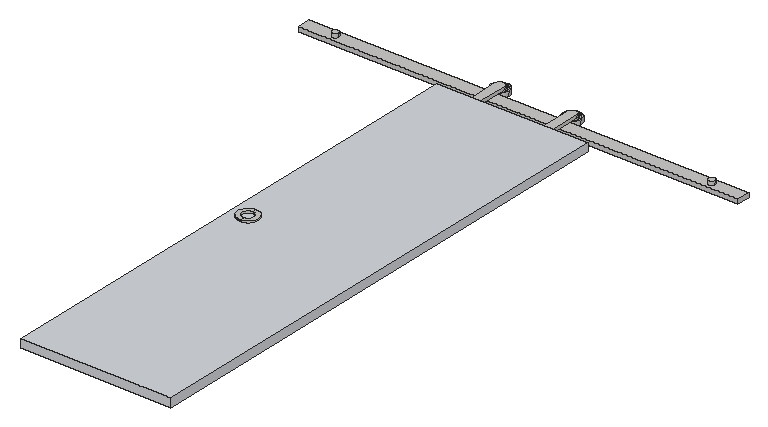
Revit family "Track-Sliding-Krown_Lab-Oden", category Doors, Revit 2012
Parameters (values of type "Stainless Steel, Brushed, 70"")
  z Type Material = 3
  z Type = 1
  z Trolley Material = Stainless Steel - Krown Lab - Brushed
  z Track Length = 70.000"
  z Standard is Visible [instance] = not(or(z Accent Visible Yellow, z Accent Visible White, z Accent Visible Orange, z Accent Visible Blue, z Accent Visible Black))  # yes
  z Panel Offset [instance] = if(and(Has 1 Track Mount Spacer, Trolley is Top Mount), 2.000", if(and(Has 2 Track Mount Spacers, Trolley is Top Mount), 2.625", if(and(Has 1 Track Mount Spacer, Trolley is Face Mount), 1.375", if(and(Has 2 Track Mount Spacers, Trolley is Face Mount), 2.000", if(and(Has 1 Track Mount Spacer, Trolley is Glass Mount), 1.375", if(and(Has 2 Track Mount Spacers, Trolley is Glass Mount), 2.000", 0.500")))))) - 0.125"  # 1.875"
  z Panel Location Desired [instance] = 107.000"
  z Panel Location [instance] = if(z Panel Location Desired + (Panel Width / 2) > z Track Length + 72.000", z Track Length - (Panel Width / 2) + 72.000", if(z Panel Location Desired - (Panel Width / 2) < 72.000", (Panel Width / 2) + 72.000", z Panel Location Desired))  # 107.000"
  z Handle Material Rail = Stainless Steel - Krown Lab - Brushed
  z Handle Material = Stainless Steel - Krown Lab - Brushed
  z Error [instance] = or(not(if(Trolley is Top Mount, 1, 0) + if(Trolley is Glass Mount, 1, 0) + if(Trolley is Face Mount, 1, 0) = 1), and(Has Color Accent Yellow, Has Color Accent White), and(Has Color Accent White, Has Color Accent Blue), and(Has Color Accent Blue, Has Color Accent Orange), and(Has Color Accent Orange, Has Color Accent Black), and(Has Color Accent Yellow, Has Color Accent Black), and(Has Color Accent White, Has Color Accent Orange), and(Has Color Accent Yellow, Has Color Accent Blue), and(Has Color Accent White, Has Color Accent Orange), and(Has Color Accent Blue, Has Color Accent Black), and(Has Color Accent Yellow, Has Color Accent Orange), and(Has Color Accent White, Has Color Accent Black))  # no
  z Accent Visible Yellow [instance] = and(not(z Error), Has Color Accent Yellow)  # no
  z Accent Visible White [instance] = and(not(z Error), Has Color Accent White)  # no
  z Accent Visible Orange [instance] = and(not(z Error), Has Color Accent Orange)  # no
  z Accent Visible Blue [instance] = and(not(z Error), Has Color Accent Blue)  # no
  z Accent Visible Black [instance] = and(not(z Error), Has Color Accent Black)  # no
  URL = "http://www.krownlab.com/"
  Type Comments = "To Modify the Panel, edit the nested Panel Family and reload into the Door"  # constant formula
  Trolley is Top Mount [instance] = yes
  Trolley is Glass Mount [instance] = no
  Trolley is Face Mount [instance] = no
  Track Length [instance] = z Track Length  # 70.000"
  Provide Feedback = "https://www.surveymonkey.com/s/3HJZTQD "
  Product Page URL = "http://www.krownlab.com/oden"
  Product Material = Stainless Steel - Krown Lab - Brushed
  Product Documentation Link = "http://www.krownlab.com/pdfs/KrownLab-ODEN-Product-Guide.pdf"
  Part Number [instance] = if(not(z Error), if(and(z Type Material = 3, Trolley is Top Mount), "Oden, O11", if(and(z Type Material = 3, Trolley is Face Mount), "Oden, O12", if(and(z Type Material = 3, Trolley is Glass Mount), "Oden, O13", if(and(z Type Material = 2, Trolley is Top Mount), "Oden, O21", if(and(z Type Material = 2, Trolley is Face Mount), "Oden, O22", if(and(z Type Material = 2, Trolley is Glass Mount), "Oden, O23", if(and(z Type Material = 4, Trolley is Top Mount), "Oden, O31", if(and(z Type Material = 4, Trolley is Face Mount), "Oden, O32", if(and(z Type Material = 4, Trolley is Glass Mount), "Oden, O33", if(and(z Type Material = 1, Trolley is Top Mount), "Oden, O41", if(and(z Type Material = 1, Trolley is Face Mount), "Oden, O42", if(and(z Type Material = 1, Trolley is Glass Mount), "Oden, O43", "Not Available")))))))))))), "Not Available")  # "Oden, O11"
  Part Description [instance] = if(and(z Accent Visible Black, z Type = 1, z Type Material = 1), "Oden 70 Inch Bamboo Sliding Track For Custom Sized Panels, With Black Accents", if(and(z Accent Visible Blue, z Type = 1, z Type Material = 1), "Oden 70 Inch Bamboo Sliding Track For Custom Sized Panels, With Blue Accents", if(and(z Accent Visible White, z Type = 1, z Type Material = 1), "Oden 70 Inch Bamboo Sliding Track For Custom Sized Panels, With White Accents", if(and(z Accent Visible Orange, z Type = 1, z Type Material = 1), "Oden 70 Inch Bamboo Sliding Track For Custom Sized Panels, With Orange Accents", if(and(z Accent Visible Yellow, z Type = 1, z Type Material = 1), "Oden 70 Inch Bamboo Sliding Track For Custom Sized Panels, With Yellow Accents", if(and(z Standard is Visible, z Type = 1, z Type Material = 1), "Oden 70 Inch Bamboo Sliding Track For Custom Sized Panels", if(and(z Accent Visible Black, z Type = 1, z Type Material = 3), "Oden 70 Inch Brushed Stainless Steel Sliding Track For Custom Sized Panels, With Black Accents", if(and(z Accent Visible Blue, z Type = 1, z Type Material = 3), "Oden 70 Inch Brushed Stainless Steel Sliding Track For Custom Sized Panels, With Blue Accents", if(and(z Accent Visible White, z Type = 1, z Type Material = 3), "Oden 70 Inch Brushed Stainless Steel Sliding Track For Custom Sized Panels, With White Accents", if(and(z Accent Visible Orange, z Type = 1, z Type Material = 3), "Oden 70 Inch Brushed Stainless Steel Sliding Track For Custom Sized Panels, With Orange Accents", if(and(z Accent Visible Yellow, z Type = 1, z Type Material = 3), "Oden 70 Inch Brushed Stainless Steel Sliding Track For Custom Sized Panels, With Yellow Accents", if(and(z Standard is Visible, z Type = 1, z Type Material = 3), "Oden 70 Inch Brushed Stainless Steel Sliding Track For Custom Sized Panels", if(and(z Accent Visible Black, z Type = 1, z Type Material = 4), "Oden 70 Inch Black Stainless Steel Sliding Track For Custom Sized Panels, With Black Accents", if(and(z Accent Visible Blue, z Type = 1, z Type Material = 4), "Oden 70 Inch Black Stainless Steel Sliding Track For Custom Sized Panels, With Blue Accents", if(and(z Accent Visible White, z Type = 1, z Type Material = 4), "Oden 70 Inch Black Stainless Steel Sliding Track For Custom Sized Panels, With White Accents", if(and(z Accent Visible Orange, z Type = 1, z Type Material = 4), "Oden 70 Inch Black Stainless Steel Sliding Track For Custom Sized Panels, With Orange Accents", if(and(z Accent Visible Yellow, z Type = 1, z Type Material = 4), "Oden 70 Inch Black Stainless Steel Sliding Track For Custom Sized Panels, With Yellow Accents", if(and(z Standard is Visible, z Type = 1, z Type Material = 4), "Oden 70 Inch Black Stainless Steel Sliding Track For Custom Sized Panels", if(and(z Accent Visible Black, z Type = 1, z Type Material = 2), "Oden 70 Inch Polished Stainless Steel Sliding Track For Custom Sized Panels, With Black Accents", if(and(z Accent Visible Blue, z Type = 1, z Type Material = 2), "Oden 70 Inch Polished Stainless Steel Sliding Track For Custom Sized Panels, With Blue Accents", if(and(z Accent Visible White, z Type = 1, z Type Material = 2), "Oden 70 Inch Polished Stainless Steel Sliding Track For Custom Sized Panels, With White Accents", if(and(z Accent Visible Orange, z Type = 1, z Type Material = 2), "Oden 70 Inch Polished Stainless Steel Sliding Track For Custom Sized Panels, With Orange Accents", if(and(z Accent Visible Yellow, z Type = 1, z Type Material = 2), "Oden 70 Inch Polished Stainless Steel Sliding Track For Custom Sized Panels, With Yellow Accents", if(and(z Standard is Visible, z Type = 1, z Type Material = 2), "Oden 70 Inch Polished Stainless Steel Sliding Track For Custom Sized Panels", if(and(z Accent Visible Black, z Type = 2, z Type Material = 1), "Oden 94 Inch Bamboo Sliding Track For Custom Sized Panels, With Black Accents", if(and(z Accent Visible Blue, z Type = 2, z Type Material = 1), "Oden 94 Inch Bamboo Sliding Track For Custom Sized Panels, With Blue Accents", if(and(z Accent Visible White, z Type = 2, z Type Material = 1), "Oden 94 Inch Bamboo Sliding Track For Custom Sized Panels, With White Accents", if(and(z Accent Visible Orange, z Type = 2, z Type Material = 1), "Oden 94 Inch Bamboo Sliding Track For Custom Sized Panels, With Orange Accents", if(and(z Accent Visible Yellow, z Type = 2, z Type Material = 1), "Oden 94 Inch Bamboo Sliding Track For Custom Sized Panels, With Yellow Accents", if(and(z Standard is Visible, z Type = 2, z Type Material = 1), "Oden 94 Inch Bamboo Sliding Track For Custom Sized Panels", if(and(z Accent Visible Black, z Type = 2, z Type Material = 3), "Oden 94 Inch Brushed Stainless Steel Sliding Track For Custom Sized Panels, With Black Accents", if(and(z Accent Visible Blue, z Type = 2, z Type Material = 3), "Oden 94 Inch Brushed Stainless Steel Sliding Track For Custom Sized Panels, With Blue Accents", if(and(z Accent Visible White, z Type = 2, z Type Material = 3), "Oden 94 Inch Brushed Stainless Steel Sliding Track For Custom Sized Panels, With White Accents", if(and(z Accent Visible Orange, z Type = 2, z Type Material = 3), "Oden 94 Inch Brushed Stainless Steel Sliding Track For Custom Sized Panels, With Orange Accents", if(and(z Accent Visible Yellow, z Type = 2, z Type Material = 3), "Oden 94 Inch Brushed Stainless Steel Sliding Track For Custom Sized Panels, With Yellow Accents", if(and(z Standard is Visible, z Type = 2, z Type Material = 3), "Oden 94 Inch Brushed Stainless Steel Sliding Track For Custom Sized Panels", if(and(z Accent Visible Black, z Type = 2, z Type Material = 4), "Oden 94 Inch Black Stainless Steel Sliding Track For Custom Sized Panels, With Black Accents", if(and(z Accent Visible Blue, z Type = 2, z Type Material = 4), "Oden 94 Inch Black Stainless Steel Sliding Track For Custom Sized Panels, With Blue Accents", if(and(z Accent Visible White, z Type = 2, z Type Material = 4), "Oden 94 Inch Black Stainless Steel Sliding Track For Custom Sized Panels, With White Accents", if(and(z Accent Visible Orange, z Type = 2, z Type Material = 4), "Oden 94 Inch Black Stainless Steel Sliding Track For Custom Sized Panels, With Orange Accents", if(and(z Accent Visible Yellow, z Type = 2, z Type Material = 4), "Oden 94 Inch Black Stainless Steel Sliding Track For Custom Sized Panels, With Yellow Accents", if(and(z Standard is Visible, z Type = 2, z Type Material = 4), "Oden 94 Inch Black Stainless Steel Sliding Track For Custom Sized Panels", if(and(z Accent Visible Black, z Type = 2, z Type Material = 2), "Oden 94 Inch Polished Stainless Steel Sliding Track For Custom Sized Panels, With Black Accents", if(and(z Accent Visible Blue, z Type = 2, z Type Material = 2), "Oden 94 Inch Polished Stainless Steel Sliding Track For Custom Sized Panels, With Blue Accents", if(and(z Accent Visible White, z Type = 2, z Type Material = 2), "Oden 94 Inch Polished Stainless Steel Sliding Track For Custom Sized Panels, With White Accents", if(and(z Accent Visible Orange, z Type = 2, z Type Material = 2), "Oden 94 Inch Polished Stainless Steel Sliding Track For Custom Sized Panels, With Orange Accents", if(and(z Accent Visible Yellow, z Type = 2, z Type Material = 2), "Oden 94 Inch Polished Stainless Steel Sliding Track For Custom Sized Panels, With Yellow Accents", if(and(z Standard is Visible, z Type = 2, z Type Material = 2), "Oden 94 Inch Polished Stainless Steel Sliding Track For Custom Sized Panels", "Not Available"))))))))))))))))))))))))))))))))))))))))))))))))  # "Oden 70 Inch Brushed Stainless Steel Sliding Track For Custom Sized Panels"
  Panel Width [instance] = 24.000"
  Panel Material [instance] = none
  Panel Height [instance] = 83.000"
  Panel Depth Desired [instance] = 1.375"
  Panel Depth Actual [instance] = if(not(z Error), if(Trolley is Top Mount, if(Panel Depth Desired > 3.000", 3.000", if(Panel Depth Desired < 1.375", 1.375", Panel Depth Desired)), if(Trolley is Face Mount, if(Panel Depth Desired > 1.750", 1.750", if(Panel Depth Desired < 0.750", 0.750", Panel Depth Desired)), if(Trolley is Glass Mount, if(Panel Depth Desired > 0.750", 0.750", if(Panel Depth Desired < 0.375", 0.375", Panel Depth Desired)), 5.000"))), 3.000" / 4)  # 1.375"
  Original Creation Date = "6/26/13"  # constant formula
  Mounting Hardware [instance] = if(not(z Error), if(Trolley is Top Mount, "Top Mount", if(Trolley is Face Mount, "Face Mount", if(Trolley is Glass Mount, "Glass Mount", "Not Available"))), "Not Available")  # "Top Mount"
  Model Disclaimer = "For More Information, Contact Krown Lab"  # constant formula
  Model = "See Part Number"  # constant formula
  Max Panel Weight [instance] = if(Has 1 Track Mount Spacer, 400.00 lbf, 300.00 lbf)  # 400.00 lbf
  Manufacturer = "Krown Lab"  # constant formula
  Has Color Accent Yellow [instance] = no
  Has Color Accent White [instance] = no
  Has Color Accent Orange [instance] = no
  Has Color Accent Blue [instance] = no
  Has Color Accent Black [instance] = no
  Has 2 Track Mount Spacers [instance] = not(Has 1 Track Mount Spacer)  # no
  Has 1 Track Mount Spacer [instance] = yes
  Handle Material = Stainless Steel - Krown Lab - Brushed
  Handle [instance] = Handle : Ring Pull
  Family Version = "1.0.0"  # constant formula
  Equipment Number [instance] = ""
  Equipment Abbreviation = "DR"
  Description = "See Part Description"  # constant formula
  Date Last Modified = "6/26/13"  # constant formula
  Copyright = "Copyright © Krown Lab"  # constant formula
  Configuration [instance] = "Available"  # constant formula
Types (9): name | z Type Material | z Type | z Trolley Material | z Track Length | z Panel Location Desired | z Panel Location | z Handle Material Rail | z Handle Material | Track Length | Product Material | Part Number | Part Description | Handle Material | Equipment Number
  (no name) | 3 | 1 | Stainless Steel - Krown Lab - Brushed | 70.000" | 107.000" | 107.000" | Stainless Steel - Krown Lab - Brushed | Stainless Steel - Krown Lab - Brushed | 70.000" | Stainless Steel - Krown Lab - Brushed | "Oden, O11" | "Oden 70 Inch Brushed Stainless Steel Sliding Track For Custom Sized Panels" | Stainless Steel - Krown Lab - Brushed | ""
  Bamboo, 70" | 1 | 1 | Stainless Steel - Krown Lab - Brushed | 70.000" | 107.000" | 107.000" | Bamboo - Krown Lab | Stainless Steel - Krown Lab - Brushed | 70.000" | Bamboo - Krown Lab | "Oden, O41" | "Oden 70 Inch Bamboo Sliding Track For Custom Sized Panels" | Stainless Steel - Krown Lab - Brushed | " "
  Bamboo, 94" | 1 | 2 | Stainless Steel - Krown Lab - Brushed | 94.000" | 119.000" | 119.000" | Bamboo - Krown Lab | Stainless Steel - Krown Lab - Brushed | 94.000" | Bamboo - Krown Lab | "Oden, O41" | "Oden 94 Inch Bamboo Sliding Track For Custom Sized Panels" | Stainless Steel - Krown Lab - Brushed | ""
  Stainless Steel, Brushed, 94" | 3 | 2 | Stainless Steel - Krown Lab - Brushed | 94.000" | 119.000" | 119.000" | Stainless Steel - Krown Lab - Brushed | Stainless Steel - Krown Lab - Brushed | 94.000" | Stainless Steel - Krown Lab - Brushed | "Oden, O11" | "Oden 94 Inch Brushed Stainless Steel Sliding Track For Custom Sized Panels" | Stainless Steel - Krown Lab - Brushed | ""
  Stainless Steel, Black, 94" | 4 | 2 | Stainless Steel - Krown Lab - Black | 94.000" | 119.000" | 119.000" | Stainless Steel - Krown Lab - Black | Stainless Steel - Krown Lab - Black | 94.000" | Stainless Steel - Krown Lab - Black | "Oden, O31" | "Oden 94 Inch Black Stainless Steel Sliding Track For Custom Sized Panels" | Stainless Steel - Krown Lab - Black | ""
  Stainless Steel, Polished, 94" | 2 | 2 | Stainless Steel - Krown Lab - Polished | 94.000" | 120.000" | 120.000" | Stainless Steel - Krown Lab - Polished | Stainless Steel - Krown Lab - Polished | 94.000" | Stainless Steel - Krown Lab - Polished | "Oden, O21" | "Oden 94 Inch Polished Stainless Steel Sliding Track For Custom Sized Panels" | Stainless Steel - Krown Lab - Polished | ""
  Stainless Steel, Brushed, 70" | 3 | 1 | Stainless Steel - Krown Lab - Brushed | 70.000" | 107.000" | 107.000" | Stainless Steel - Krown Lab - Brushed | Stainless Steel - Krown Lab - Brushed | 70.000" | Stainless Steel - Krown Lab - Brushed | "Oden, O11" | "Oden 70 Inch Brushed Stainless Steel Sliding Track For Custom Sized Panels" | Stainless Steel - Krown Lab - Brushed | ""
  Stainless Steel, Black, 70" | 4 | 1 | Stainless Steel - Krown Lab - Black | 70.000" | 107.000" | 107.000" | Stainless Steel - Krown Lab - Black | Stainless Steel - Krown Lab - Black | 70.000" | Stainless Steel - Krown Lab - Black | "Oden, O31" | "Oden 70 Inch Black Stainless Steel Sliding Track For Custom Sized Panels" | Stainless Steel - Krown Lab - Black | ""
  Stainless Steel, Polished, 70" | 2 | 1 | Stainless Steel - Krown Lab - Polished | 70.000" | 120.000" | 120.000" | Stainless Steel - Krown Lab - Polished | Stainless Steel - Krown Lab - Polished | 70.000" | Stainless Steel - Krown Lab - Polished | "Oden, O21" | "Oden 70 Inch Polished Stainless Steel Sliding Track For Custom Sized Panels" | Stainless Steel - Krown Lab - Polished | ""
Reference planes (in)
  plane 1 "Center (Front/Back)": y = 0
  plane 2: z = 0
  plane 3 "Center (Left/Right)": x = 0
  plane 4: x = -35
  plane 5: x = 35
  plane 6: x = 107
  plane 7: x = 0
  plane 8: y = -86.25
  plane 9: y = -3.25
  plane 10: y = -44.75
  plane 11: y = -44.25
  plane 12: x = -12
  plane 13: x = 12
  plane 14: x = -9.3
  plane 15: z = 0.5
  plane 16: z = 1.875
  plane 17: z = 1.1875
Lines and regions (in)
  reference lines
    curve 1: line (0, 0, 0) -> (0, -86.25, 0)
Text (in)
  text "To Modify the Panel, edit the nested Panel Family and reload into the Door" at (-146.83845, 23.25599, 0), in view "Ref. Level"
Dimensions and locks (in)
  equal spacing: plane 4, plane 3 "Center (Left/Right)", plane 5
  "z Track Length": plane 4 to plane 5
  locked: plane 5 to plane 6 at 72
  "z Panel Location Desired": curve 1 to plane 6
  "z Panel Location": plane 7 to plane 6
  "Panel Height": plane 9 to plane 8
  locked: plane 9 to plane 1 "Center (Front/Back)" at 3.25
  locked: plane 11 to plane 8 at 42
  equal spacing: plane 12, plane 7, plane 13
  "Panel Width": plane 12 to plane 13
  locked: plane 12 to plane 14 at 2.7
  "Panel Depth Actual": plane 16 to plane 15
  "z Panel Offset": plane 16 to plane 2
  equal spacing: plane 9, plane 10, plane 8
  equal spacing: plane 16, plane 17, plane 15
  aligned and locked: plane 2 to level
  aligned: plane 4 to nested 1
  aligned: plane 5 to nested 1
  aligned and locked: plane 8 to curve 1
  aligned and locked: plane 4 to nested 1
  aligned and locked: plane 5 to nested 1
  aligned and locked: nested 2 to plane 10
  aligned and locked: plane 7 to nested 2
  aligned and locked: nested 3 to plane 11
  aligned and locked: plane 14 to nested 3
Automatic sketch dimensions
  plane 1 "Center (Front/Back)" to curve 1 = 0.000"
Nested families (in)
  nested 1: "Oden Track" at (-35, 0, 0), Panel Width <- "Panel Width", Panel Height <- "Panel Height", Panel Depth <- "Panel Depth Actual", Trolley is Top Mount <- "Trolley is Top Mount", Trolley is Glass Mount <- "Trolley is Glass Mount", Trolley is Face Mount <- "Trolley is Face Mount", Has 1 Track Mount Spacer <- "Has 1 Track Mount Spacer", Has Color Accent Yellow <- "Has Color Accent Yellow", Has Color Accent White <- "Has Color Accent White", Has Color Accent Orange <- "Has Color Accent Orange", Has Color Accent Blue <- "Has Color Accent Blue", Has Color Accent Black <- "Has Color Accent Black", Product Material <- "Product Material", z Trolly Material <- "z Trolley Material", z Panel Location Desired <- "z Panel Location Desired", type "Standard"
    with z Trolly Material Stainless Steel - Krown Lab - Brushed, z Standard Trolly Visible yes, z Spacer Offset 1.375", z Side Mount Trolley no, z Panel Width 24.000", z Panel Offset 1.875", z Panel Location Desired 107.000", z Panel Location 107.000", z Panel Height 83.000", z Error no, z Accent Visible Yellow no, z Accent Visible White no, z Accent Visible Orange no, z Accent Visible Blue no, z Accent Visible Black no, Trolley is Top Mount yes, Trolley is Glass Mount no, Trolley is Face Mount no, Product Material Stainless Steel - Krown Lab - Brushed, Panel Width 24.000", Panel Height 83.000", Panel Depth 1.375", built-in parameter 1001306 5.8333 (stored number, unit not read), Has Color Accent Yellow no, Has Color Accent White no, Has Color Accent Orange no, Has Color Accent Blue no, Has Color Accent Black no, Has 2 Track Mount Spacers no, Has 1 Track Mount Spacer yes
  nested 2: "Panel" at (0, -44.75, 0.5), Panel Width <- "Panel Width", Panel Thickness <- "Panel Depth Actual", Panel Height <- "Panel Height", Panel Material <- "Panel Material", type "Standard"
    with Panel Width 24.000", Panel Thickness 1.375", Panel Material none, Panel Height 83.000"
  nested 3: "Handle" at (-9.3, -44.25, 1.1875), Panel Thickness <- "Panel Depth Actual", Material <- "z Handle Material", type <- "Handle", Rail Material <- "z Handle Material Rail", Accent Yellow <- "z Accent Visible Yellow", Accent White <- "z Accent Visible White", Accent Orange <- "z Accent Visible Orange", Accent Blue <- "z Accent Visible Blue", Accent Black <- "z Accent Visible Black", type "Ring Pull", detail levels fine
    with Rail Material Stainless Steel - Krown Lab - Brushed, Panel Thickness 1.375", Material Stainless Steel - Krown Lab - Brushed, Handle Height 18.000", Front Rail Yellow Visible no, Front Rail White Visible no, Front Rail Visible no, Front Rail Orange Visible no, Front Rail Blue Visible no, Front Rail Black Visible no, Back Rail Yellow Visible no, Back Rail White Visible no, Back Rail Visible no, Back Rail Orange Visible no, Back Rail Blue Visible no, Back Rail Black Visible no, Accent Yellow no, Accent White no, Accent Orange no, Accent Blue no, Accent Black no
Definition of nested family "Oden Track"
  Parameters (values of type "Standard")
    z Trolly Material [instance] = Stainless Steel - Krown Lab - Brushed
    z Standard Trolly Visible [instance] = not(or(z Accent Visible Yellow, z Accent Visible White, z Accent Visible Orange, z Accent Visible Blue, z Accent Visible Black))  # yes
    z Spacer Offset [instance] = if(Has 1 Track Mount Spacer, 1.375", 2.000")  # 1.375"
    z Side Mount Trolley [instance] = or(Trolley is Face Mount, Trolley is Glass Mount)  # yes
    z Panel Width [instance] = if(Panel Width < 16.375", 16.375", Panel Width)  # 24.000"
    z Panel Offset [instance] = if(and(Has 1 Track Mount Spacer, Trolley is Top Mount), 2.000", if(and(Has 2 Track Mount Spacers, Trolley is Top Mount), 2.625", if(and(Has 1 Track Mount Spacer, Trolley is Face Mount), 1.375", if(and(Has 2 Track Mount Spacers, Trolley is Face Mount), 2.000", if(and(Has 1 Track Mount Spacer, Trolley is Glass Mount), 1.375", if(and(Has 2 Track Mount Spacers, Trolley is Glass Mount), 2.000", 0.500")))))) - 0.125"  # 1.250"
    z Panel Location Desired [instance] = 91.000"
    z Panel Location [instance] = if(z Panel Location Desired + (Panel Width / 2) > [built-in parameter 1001306] + 72.000", [built-in parameter 1001306] - (Panel Width / 2) + 72.000", if(z Panel Location Desired - (Panel Width / 2) < 72.000", (Panel Width / 2) + 72.000", z Panel Location Desired))  # 91.000"
    z Panel Height [instance] = if(Panel Height < 4.750", 4.750", Panel Height)  # 83.000"
    z Error [instance] = or(not(if(Trolley is Top Mount, 1, 0) + if(Trolley is Glass Mount, 1, 0) + if(Trolley is Face Mount, 1, 0) = 1), and(Has Color Accent Yellow, Has Color Accent White), and(Has Color Accent White, Has Color Accent Blue), and(Has Color Accent Blue, Has Color Accent Orange), and(Has Color Accent Orange, Has Color Accent Black), and(Has Color Accent Yellow, Has Color Accent Black), and(Has Color Accent White, Has Color Accent Orange), and(Has Color Accent Yellow, Has Color Accent Blue), and(Has Color Accent White, Has Color Accent Orange), and(Has Color Accent Blue, Has Color Accent Black), and(Has Color Accent Yellow, Has Color Accent Orange), and(Has Color Accent White, Has Color Accent Black))  # no
    z Accent Visible Yellow [instance] = and(not(z Error), Has Color Accent Yellow)  # no
    z Accent Visible White [instance] = and(not(z Error), Has Color Accent White)  # no
    z Accent Visible Orange [instance] = and(not(z Error), Has Color Accent Orange)  # no
    z Accent Visible Blue [instance] = and(not(z Error), Has Color Accent Blue)  # no
    z Accent Visible Black [instance] = and(not(z Error), Has Color Accent Black)  # no
    URL = ""
    Type Comments = ""
    Trolley is Top Mount [instance] = no
    Trolley is Glass Mount [instance] = no
    Trolley is Face Mount [instance] = yes
    Provide Feedback = ""
    Product Material [instance] = Stainless Steel - Krown Lab - Brushed
    Panel Width [instance] = 24.000"
    Panel Height [instance] = 83.000"
    Panel Depth [instance] = 1.750"
    Model = ""
    Manufacturer = ""
    built-in parameter 1001306 [instance] = 120.000"
    Has Color Accent Yellow [instance] = no
    Has Color Accent White [instance] = no
    Has Color Accent Orange [instance] = no
    Has Color Accent Blue [instance] = no
    Has Color Accent Black [instance] = no
    Has 2 Track Mount Spacers [instance] = not(Has 1 Track Mount Spacer)  # no
    Has 1 Track Mount Spacer [instance] = yes
    Description = ""
    Assembly Code = ""
  Reference planes (in)
    plane 1 "Center (Front/Back)": y = 0
    plane 2: z = 0
    plane 3 "Left": x = 0
    plane 4 "Right": x = 120
    plane 5: z = 0.375
    plane 6: z = 0.675
    plane 7: z = -0.5
    plane 8: z = 1.025
    plane 9: z = 1.375
    plane 10: z = 1.775
    plane 11: z = 1.25
    plane 12: x = 5
    plane 13: x = 67
    plane 14: y = -44.75
    plane 15: y = -86.25
    plane 16: y = -44.25
    plane 17: y = 1.075
    plane 18: y = 1.438
    plane 19: y = -3.25
    plane 20: y = -2
    plane 21: y = -1
    plane 22: y = -7.25
    plane 23: x = 89
    plane 24: x = 101
    plane 25: x = 113
    plane 26: x = 91.7
    plane 27: x = 94.5
    plane 28: x = 96
    plane 29: x = 95.25
    plane 30: x = 107.5
    plane 31: x = 106.75
    plane 32: x = 106
    plane 33: x = 192
    plane 34: y = -3
    plane 35: x = -1
    plane 36: x = 121
    plane 37: y = 4.313
    plane 38: y = -87.25
    plane 39: z = -1
    plane 40: z = 2.25
    plane 41: y = 0.75
    plane 42: y = 0.5625
    plane 43: y = 0.1875
    plane 44: z = 0.275
    plane 45: z = 0.8
    plane 46: z = 1.25
    plane 47: y = -0.5
    plane 48: x = 115
    plane 49: z = 1.875
  Forms (in)
    Extrusion 1, solid, material "Stainless Steel - Krown Lab - Brushed" <- "Product Material", visible <- "z Standard Trolly Visible"
      sketch origin (0, 0, 0) x (1, 0, 0) y (0, 1, 0)
        loop
          line (0, 0) -> (0, -2) -> (120, -2) -> (120, 0) -> (0, 0)
      from 0.675 to 1.375
    Extrusion 2, solid, material "Stainless Steel - Krown Lab - Brushed" <- "z Trolly Material", visible <- "z Accent Visible Yellow", detail levels medium+fine
      sketch origin (0, 0, 0) x (1, 0, 0) y (0, 1, 0)
        loop
          circle (95.25, 1.438) r 0.688
        loop
          circle (95.25, 1.438) r 1.438
        loop
          circle (106.75, 1.438) r 0.688
        loop
          circle (106.75, 1.438) r 1.4375
      from 0.675 to 1.375
    Extrusion 3, solid, material "Stainless Steel - Krown Lab - Brushed" <- "Product Material", visible <- "z Side Mount Trolley", detail levels medium+fine
      sketch origin (0, 0, 0) x (1, 0, 0) y (0, 1, 0)
        loop
          arc (94.5, -7.25) -> (95.25, -8) -> (96, -7.25) r 0.75
          line (96, -7.25) -> (96, 1.438)
          arc (96, 1.438) -> (95.25, 2.188) -> (94.5, 1.438) r 0.75
          line (94.5, 1.438) -> (94.5, -7.25)
        loop
          arc (106, -7.25) -> (106.75, -8) -> (107.5, -7.25) r 0.75
          line (107.5, -7.25) -> (107.5, 1.438)
          arc (107.5, 1.438) -> (106.75, 2.188) -> (106, 1.438) r 0.75
          line (106, 1.438) -> (106, -7.25)
      from 1.375 to 1.775
    Extrusion 4, solid, material "Stainless Steel - Krown Lab - Brushed" <- "Product Material", visible <- "Trolley is Top Mount", detail levels medium+fine
      sketch origin (0, 0, 0) x (1, 0, 0) y (0, 1, 0)
        loop
          line (94.5, -3.25) -> (96, -3.25) -> (96, 1.438)
          arc (96, 1.438) -> (95.25, 2.188) -> (94.5, 1.438) r 0.75
          line (94.5, 1.438) -> (94.5, -3.25)
        loop
          line (106, -3.25) -> (107.5, -3.25) -> (107.5, 1.438)
          arc (107.5, 1.438) -> (106.75, 2.188) -> (106, 1.438) r 0.75
          line (106, 1.438) -> (106, -3.25)
      from 1.375 to 1.775
    Extrusion 5, solid, material "Stainless Steel - Krown Lab - Brushed" <- "Product Material", visible <- "Trolley is Top Mount", detail levels medium+fine
      sketch origin (0, 0, 0) x (1, 0, 0) y (0, 1, 0)
        loop
          line (94.5, -3) -> (94.5, -3.25) -> (96, -3.25) -> (96, -3) -> (94.5, -3)
        loop
          line (106, -3) -> (106, -3.25) -> (107.5, -3.25) -> (107.5, -3) -> (106, -3)
      from 0.675 to 1.775
    Extrusion 6, solid, material "Error Box", visible <- "z Error"
      sketch origin (0, 0, 0) x (1, 0, 0) y (0, 1, 0)
        loop
          line (-1, 4.313) -> (-1, -87.25) -> (121, -87.25) -> (121, 4.313) -> (-1, 4.313)
      from -1 to 2.25
    Extrusion 7, solid, material "Stainless Steel - Krown Lab - Brushed" <- "z Trolly Material", visible <- "z Accent Visible White", detail levels medium+fine
      sketch origin (0, 0, 0) x (1, 0, 0) y (0, 1, 0)
        loop
          circle (95.25, 1.438) r 0.688
        loop
          circle (95.25, 1.438) r 1.438
        loop
          circle (106.75, 1.438) r 0.688
        loop
          circle (106.75, 1.438) r 1.4375
      from 0.675 to 1.375
    Extrusion 8, solid, material "Stainless Steel - Krown Lab - Brushed" <- "z Trolly Material", visible <- "z Accent Visible Orange", detail levels medium+fine
      sketch origin (0, 0, 0) x (1, 0, 0) y (0, 1, 0)
        loop
          circle (95.25, 1.438) r 0.688
        loop
          circle (95.25, 1.438) r 1.438
        loop
          circle (106.75, 1.438) r 0.688
        loop
          circle (106.75, 1.438) r 1.4375
      from 0.675 to 1.375
    Extrusion 9, solid, material "Stainless Steel - Krown Lab - Brushed" <- "z Trolly Material", visible <- "z Accent Visible Blue", detail levels medium+fine
      sketch origin (0, 0, 0) x (1, 0, 0) y (0, 1, 0)
        loop
          circle (95.25, 1.438) r 0.688
        loop
          circle (95.25, 1.438) r 1.438
        loop
          circle (106.75, 1.438) r 0.688
        loop
          circle (106.75, 1.438) r 1.4375
      from 0.675 to 1.375
    Extrusion 10, solid, material "Stainless Steel - Krown Lab - Brushed" <- "z Trolly Material", visible <- "z Accent Visible Black", detail levels medium+fine
      sketch origin (0, 0, 0) x (1, 0, 0) y (0, 1, 0)
        loop
          circle (95.25, 1.438) r 0.688
        loop
          circle (95.25, 1.438) r 1.438
        loop
          circle (106.75, 1.438) r 0.688
        loop
          circle (106.75, 1.438) r 1.4375
      from 0.675 to 1.375
    Extrusion 11, solid, material "Stainless Steel - Krown Lab - Brushed" <- "z Trolly Material", visible <- "z Standard Trolly Visible", detail levels medium+fine
      sketch origin (0, 0, 0) x (1, 0, 0) y (0, 1, 0)
        loop
          circle (95.25, 1.438) r 0.688
        loop
          circle (95.25, 1.438) r 1.438
        loop
          circle (106.75, 1.438) r 0.688
        loop
          circle (106.75, 1.438) r 1.4375
      from 0.675 to 1.375
    Extrusion 12, solid, material "Stainless Steel - Krown Lab - Brushed" <- "Product Material", visible <- "z Accent Visible Black"
      sketch origin (0, 0, 0) x (1, 0, 0) y (0, 1, 0)
        loop
          line (0, 0) -> (0, -2) -> (120, -2) -> (120, 0) -> (0, 0)
      from 0.675 to 1.375
    Extrusion 13, solid, material "Stainless Steel - Krown Lab - Brushed" <- "Product Material", visible <- "z Accent Visible Blue"
      sketch origin (0, 0, 0) x (1, 0, 0) y (0, 1, 0)
        loop
          line (0, 0) -> (0, -2) -> (120, -2) -> (120, 0) -> (0, 0)
      from 0.675 to 1.375
    Extrusion 14, solid, material "Stainless Steel - Krown Lab - Brushed" <- "Product Material", visible <- "z Accent Visible Orange"
      sketch origin (0, 0, 0) x (1, 0, 0) y (0, 1, 0)
        loop
          line (0, 0) -> (0, -2) -> (120, -2) -> (120, 0) -> (0, 0)
      from 0.675 to 1.375
    Extrusion 15, solid, material "Stainless Steel - Krown Lab - Brushed" <- "Product Material", visible <- "z Accent Visible White"
      sketch origin (0, 0, 0) x (1, 0, 0) y (0, 1, 0)
        loop
          line (0, 0) -> (0, -2) -> (120, -2) -> (120, 0) -> (0, 0)
      from 0.675 to 1.375
    Extrusion 16, solid, material "Stainless Steel - Krown Lab - Brushed" <- "Product Material", visible <- "z Accent Visible Yellow"
      sketch origin (0, 0, 0) x (1, 0, 0) y (0, 1, 0)
        loop
          line (0, 0) -> (0, -2) -> (120, -2) -> (120, 0) -> (0, 0)
      from 0.675 to 1.375
    Extrusion 17, void
      sketch origin (0, 0, 0) x (1, 0, 0) y (0, 1, 0)
        loop
          circle (106.75, 1.438) r 1.2505
        loop
          circle (106.75, 1.438) r 0.8755
        loop
          circle (95.25, 1.438) r 1.2505
        loop
          circle (95.25, 1.438) r 0.8755
      from 0.675 to 0.8
    Extrusion 18, void
      sketch origin (0, 0, 0) x (1, 0, 0) y (0, 1, 0)
        loop
          circle (106.75, 1.438) r 1.2505
        loop
          circle (106.75, 1.438) r 0.8755
        loop
          circle (95.25, 1.438) r 1.2505
        loop
          circle (95.25, 1.438) r 0.8755
      from 1.25 to 1.375
    Extrusion 19, solid, material "Stainless Steel - Krown Lab - Brushed" <- "Product Material", detail levels medium+fine
      sketch origin (0, 0, 0) x (1, 0, 0) y (0, 1, 0)
        loop
          line (94.5, -0.5) -> (96, -0.5) -> (96, 1.438)
          arc (96, 1.438) -> (95.25, 2.188) -> (94.5, 1.438) r 0.75
          line (94.5, 1.438) -> (94.5, -0.5)
        loop
          line (106, -0.5) -> (107.5, -0.5) -> (107.5, 1.438)
          arc (107.5, 1.438) -> (106.75, 2.188) -> (106, 1.438) r 0.75
          line (106, 1.438) -> (106, -0.5)
      from 0.275 to 0.675
    Extrusion 20, solid, material "Stainless Steel - Krown Lab - Brushed" <- "z Trolly Material", visible <- "z Standard Trolly Visible", detail levels fine
      sketch origin (0, 0, 0) x (1, 0, 0) y (0, 1, 0)
        loop
          circle (115, -1) r 0.5
        loop
          circle (5, -1) r 0.5
      from 1.375 to 1.875
    Extrusion 21, solid, material "Stainless Steel - Krown Lab - Brushed" <- "z Trolly Material", visible <- "z Accent Visible Yellow", detail levels fine
      sketch origin (0, 0, 0) x (1, 0, 0) y (0, 1, 0)
        loop
          circle (115, -1) r 0.5
        loop
          circle (5, -1) r 0.5
      from 1.375 to 1.875
    Extrusion 22, solid, material "Stainless Steel - Krown Lab - Brushed" <- "z Trolly Material", visible <- "z Accent Visible White", detail levels fine
      sketch origin (0, 0, 0) x (1, 0, 0) y (0, 1, 0)
        loop
          circle (115, -1) r 0.5
        loop
          circle (5, -1) r 0.5
      from 1.375 to 1.875
    Extrusion 23, solid, material "Stainless Steel - Krown Lab - Brushed" <- "z Trolly Material", visible <- "z Accent Visible Orange", detail levels fine
      sketch origin (0, 0, 0) x (1, 0, 0) y (0, 1, 0)
        loop
          circle (115, -1) r 0.5
        loop
          circle (5, -1) r 0.5
      from 1.375 to 1.875
    Extrusion 24, solid, material "Stainless Steel - Krown Lab - Brushed" <- "z Trolly Material", visible <- "z Accent Visible Blue", detail levels fine
      sketch origin (0, 0, 0) x (1, 0, 0) y (0, 1, 0)
        loop
          circle (115, -1) r 0.5
        loop
          circle (5, -1) r 0.5
      from 1.375 to 1.875
    Extrusion 25, solid, material "Stainless Steel - Krown Lab - Brushed" <- "z Trolly Material", visible <- "z Accent Visible Black", detail levels fine
      sketch origin (0, 0, 0) x (1, 0, 0) y (0, 1, 0)
        loop
          circle (115, -1) r 0.5
        loop
          circle (5, -1) r 0.5
      from 1.375 to 1.875
  Cuts and joins
    joined: Extrusion 4, Extrusion 5
    Extrusion 17, Extrusion 18 cuts Extrusion 11
    Extrusion 17, Extrusion 18 cuts Extrusion 10
    Extrusion 17, Extrusion 18 cuts Extrusion 9
    Extrusion 17, Extrusion 18 cuts Extrusion 8
    Extrusion 17, Extrusion 18 cuts Extrusion 7
    Extrusion 17, Extrusion 18 cuts Extrusion 2
  Lines and regions (in)
    Masking region 1
      outline origin (0, 0, 0) x (1, 0, 0) y (0, 0, 1)
        loop
          line (0, 1.375) -> (0, 0.675) -> (120, 0.675) -> (120, 1.375) -> (0, 1.375)
    reference lines
      curve 1: line (0, 0, 0) -> (120, 0, 0)
  Dimensions and locks (in)
    "built-in parameter 1001306": plane 3 "Left" to plane 4 "Right"
    equal spacing: plane 11, plane 5, plane 7
    "z Panel Offset": plane 11 to plane 2
    "Panel Depth": plane 11 to plane 7
    "z Spacer Offset": plane 9 to plane 2
    equal spacing: plane 19, plane 14, plane 15
    locked: plane 16 to plane 15 at 42
    plane 18 to plane 17 to plane 41 to plane 42 to plane 43 to plane 1 "Center (Front/Back)" to plane 47 to plane 21 to plane 20 to plane 34 to plane 19 to plane 22 = 0.363" locked, 0.325" locked, 0.1875" locked, 0.375" locked, 0.1875" locked, 0.500" locked, 0.500" locked, 1.000" locked, 1.000" locked, 0.250" locked, 4.000" locked
    "z Panel Height": plane 19 to plane 15
    plane 10 to plane 9 to plane 8 to plane 6 to plane 44 = 0.400" locked, 0.350" locked, 0.350" locked, 0.400" locked
    equal spacing: plane 23, plane 24, plane 25
    "z Panel Width": plane 23 to plane 25
    plane 23 to plane 26 to plane 27 to plane 29 to plane 28 = 2.700" locked, 2.800" locked, 0.750" locked, 0.750" locked
    plane 32 to plane 31 to plane 30 to plane 25 = 0.750" locked, 0.750" locked, 5.500" locked
    "z Panel Location": plane 24 to plane 33
    locked: plane 4 "Right" to plane 33 at 72
    locked: plane 35 to plane 3 "Left" at 1
    locked: plane 4 "Right" to plane 36 at 1
    locked: plane 37 to plane 18 at 2.875
    locked: plane 15 to plane 38 at 1
    locked: plane 2 to plane 39 at 1
    locked: plane 40 to plane 11 at 1
    locked: plane 45 to plane 6 at 0.125
    locked: plane 9 to plane 46 at 0.125
    locked: plane 48 to plane 4 "Right" at 5
    locked: plane 3 "Left" to plane 12 at 5
    locked: plane 49 to plane 9 at 0.5
    aligned and locked: plane 4 "Right" to curve 1
    aligned and locked: plane 3 "Left" to curve 1
    aligned and locked: level to plane 2
    aligned and locked: Extrusion 1 sketch curve to plane 4 "Right"
    aligned and locked: plane 20 to Extrusion 1 sketch curve
    aligned and locked: plane 1 "Center (Front/Back)" to Extrusion 1 sketch curve
    aligned and locked: plane 3 "Left" to Extrusion 1 sketch curve
    aligned and locked: plane 29 to Extrusion 2 sketch curve  (x2)
    aligned and locked: plane 18 to Extrusion 2 sketch curve  (x4)
    aligned and locked: plane 31 to Extrusion 2 sketch curve  (x2)
    aligned: Extrusion 2 to plane 6
    aligned and locked: Extrusion 1 to plane 6
    aligned and locked: plane 9 to Extrusion 1
    aligned: plane 9 to Extrusion 2
    aligned and locked: plane 29 to Extrusion 3 sketch curve  (x2)
    aligned and locked: plane 22 to Extrusion 3 sketch curve  (x2)
    aligned and locked: plane 31 to Extrusion 3 sketch curve  (x2)
    aligned and locked: Extrusion 3 sketch curve to plane 32
    aligned and locked: plane 30 to Extrusion 3 sketch curve
    aligned and locked: plane 28 to Extrusion 3 sketch curve
    aligned and locked: Extrusion 3 sketch curve to plane 27
    aligned and locked: Extrusion 3 to plane 9
    aligned and locked: plane 10 to Extrusion 3
    aligned and locked: Extrusion 4 sketch curve to plane 27
    aligned and locked: plane 19 to Extrusion 4 sketch curve  (x2)
    aligned and locked: plane 28 to Extrusion 4 sketch curve
    aligned and locked: Extrusion 4 sketch curve to plane 32
    aligned and locked: plane 30 to Extrusion 4 sketch curve
    aligned and locked: Extrusion 4 to plane 9
    aligned and locked: plane 10 to Extrusion 4
    aligned and locked: plane 19 to Extrusion 5 sketch curve  (x2)
    aligned and locked: plane 30 to Extrusion 5 sketch curve
    aligned and locked: Extrusion 5 sketch curve to plane 32
    aligned and locked: Extrusion 5 sketch curve to plane 34  (x2)
    aligned and locked: Extrusion 5 sketch curve to plane 27
    aligned and locked: plane 28 to Extrusion 5 sketch curve
    aligned and locked: Extrusion 5 to plane 6
    aligned and locked: plane 10 to Extrusion 5
    aligned and locked: plane 6 to Masking region 1 sketch curve
    aligned and locked: Masking region 1 sketch curve to plane 4 "Right"
    aligned and locked: Masking region 1 sketch curve to plane 9
    aligned and locked: plane 3 "Left" to Masking region 1 sketch curve
    aligned and locked: plane 36 to Extrusion 6 sketch curve
    aligned and locked: Extrusion 6 sketch curve to plane 35
    aligned and locked: plane 38 to Extrusion 6 sketch curve
    aligned and locked: Extrusion 6 sketch curve to plane 37
    aligned and locked: Extrusion 6 to plane 39
    aligned and locked: plane 40 to Extrusion 6
    aligned and locked: plane 18 to Extrusion 4 sketch curve  (x2)
    aligned and locked: plane 31 to Extrusion 4 sketch curve
    aligned and locked: plane 29 to Extrusion 4 sketch curve
    aligned and locked: plane 18 to Extrusion 3 sketch curve  (x2)
    aligned and locked: plane 18 to Extrusion 7 sketch curve  (x4)
    aligned and locked: plane 31 to Extrusion 7 sketch curve  (x2)
    aligned and locked: plane 29 to Extrusion 7 sketch curve  (x2)
    aligned and locked: plane 18 to Extrusion 8 sketch curve  (x4)
    aligned and locked: plane 29 to Extrusion 8 sketch curve  (x2)
    aligned and locked: plane 31 to Extrusion 8 sketch curve  (x2)
    aligned and locked: plane 29 to Extrusion 9 sketch curve  (x2)
    aligned and locked: plane 18 to Extrusion 9 sketch curve  (x4)
    aligned and locked: plane 31 to Extrusion 9 sketch curve  (x2)
    aligned and locked: plane 29 to Extrusion 10 sketch curve  (x2)
    aligned and locked: plane 18 to Extrusion 10 sketch curve  (x4)
    aligned and locked: plane 31 to Extrusion 10 sketch curve  (x2)
    aligned: Extrusion 7 to plane 6
    aligned: Extrusion 8 to plane 6
    aligned: Extrusion 9 to plane 6
    aligned: Extrusion 10 to plane 6
    aligned: plane 9 to Extrusion 7
    aligned: plane 9 to Extrusion 8
    aligned: plane 9 to Extrusion 9
    aligned: plane 9 to Extrusion 10
    aligned and locked: plane 29 to Extrusion 11 sketch curve  (x2)
    aligned and locked: plane 18 to Extrusion 11 sketch curve  (x4)
    aligned and locked: plane 31 to Extrusion 11 sketch curve  (x2)
    aligned: Extrusion 11 to plane 6
    aligned: plane 9 to Extrusion 11
    aligned and locked: Extrusion 12 sketch curve to curve 1
    aligned and locked: Extrusion 12 sketch curve to Extrusion 1  (x3)
    aligned and locked: Extrusion 13 sketch curve to curve 1
    aligned and locked: Extrusion 13 sketch curve to Extrusion 1  (x3)
    aligned and locked: Extrusion 14 sketch curve to curve 1
    aligned and locked: Extrusion 14 sketch curve to Extrusion 1  (x3)
    aligned and locked: Extrusion 15 sketch curve to curve 1
    aligned and locked: Extrusion 15 sketch curve to Extrusion 1  (x3)
    aligned and locked: Extrusion 16 sketch curve to curve 1
    aligned and locked: Extrusion 16 sketch curve to Extrusion 1  (x3)
    aligned and locked: Extrusion 16 to plane 6
    aligned and locked: Extrusion 15 to plane 6
    aligned and locked: Extrusion 14 to plane 6
    aligned and locked: Extrusion 13 to plane 6
    aligned and locked: Extrusion 12 to plane 6
    aligned and locked: plane 9 to Extrusion 16
    aligned and locked: plane 9 to Extrusion 15
    aligned and locked: plane 9 to Extrusion 14
    aligned and locked: plane 9 to Extrusion 13
    aligned and locked: plane 9 to Extrusion 12
    aligned and locked: plane 18 to Extrusion 17 sketch curve  (x4)
    aligned and locked: plane 29 to Extrusion 17 sketch curve  (x2)
    aligned and locked: plane 31 to Extrusion 17 sketch curve  (x2)
    aligned and locked: plane 29 to Extrusion 18 sketch curve  (x2)
    aligned and locked: plane 18 to Extrusion 18 sketch curve  (x4)
    aligned and locked: plane 31 to Extrusion 18 sketch curve  (x2)
    aligned and locked: cut or joined group of Extrusion 11, Extrusion 17, Extrusion 18 to plane 6
    aligned and locked: plane 9 to cut or joined group of Extrusion 11, Extrusion 17, Extrusion 18
    aligned and locked: cut or joined group of Extrusion 10, Extrusion 17, Extrusion 18 to plane 6
    aligned and locked: plane 9 to cut or joined group of Extrusion 10, Extrusion 17, Extrusion 18
    aligned and locked: cut or joined group of Extrusion 9, Extrusion 17, Extrusion 18 to plane 6
    aligned and locked: plane 9 to cut or joined group of Extrusion 9, Extrusion 17, Extrusion 18
    aligned and locked: cut or joined group of Extrusion 8, Extrusion 17, Extrusion 18 to plane 6
    aligned and locked: plane 9 to cut or joined group of Extrusion 8, Extrusion 17, Extrusion 18
    aligned and locked: cut or joined group of Extrusion 7, Extrusion 17, Extrusion 18 to plane 6
    aligned and locked: plane 9 to cut or joined group of Extrusion 7, Extrusion 17, Extrusion 18
    aligned and locked: cut or joined group of Extrusion 2, Extrusion 17, Extrusion 18 to plane 6
    aligned and locked: plane 9 to cut or joined group of Extrusion 2, Extrusion 17, Extrusion 18
    aligned and locked: Extrusion 17 to plane 6
    aligned and locked: plane 45 to Extrusion 17
    aligned and locked: Extrusion 18 to plane 46
    aligned and locked: plane 9 to Extrusion 18
    aligned and locked: plane 47 to Extrusion 19 sketch curve  (x2)
    aligned and locked: plane 30 to Extrusion 19 sketch curve
    aligned and locked: Extrusion 19 sketch curve to plane 32
    aligned and locked: plane 28 to Extrusion 19 sketch curve
    aligned and locked: Extrusion 19 sketch curve to plane 27
    aligned and locked: plane 18 to Extrusion 19 sketch curve  (x2)
    aligned and locked: plane 29 to Extrusion 19 sketch curve
    aligned and locked: plane 31 to Extrusion 19 sketch curve
    aligned and locked: Extrusion 19 to plane 44
    aligned and locked: plane 6 to Extrusion 19
    aligned and locked: plane 21 to Extrusion 20 sketch curve  (x2)
    aligned and locked: plane 48 to Extrusion 20 sketch curve
    aligned and locked: plane 12 to Extrusion 20 sketch curve
    aligned and locked: plane 12 to Extrusion 21 sketch curve
    aligned and locked: plane 21 to Extrusion 21 sketch curve  (x2)
    aligned and locked: plane 48 to Extrusion 21 sketch curve
    aligned and locked: plane 12 to Extrusion 22 sketch curve
    aligned and locked: plane 21 to Extrusion 22 sketch curve  (x2)
    aligned and locked: plane 48 to Extrusion 22 sketch curve
    aligned and locked: plane 12 to Extrusion 23 sketch curve
    aligned and locked: plane 21 to Extrusion 23 sketch curve  (x2)
    aligned and locked: plane 48 to Extrusion 23 sketch curve
    aligned and locked: plane 48 to Extrusion 24 sketch curve
    aligned and locked: plane 21 to Extrusion 24 sketch curve  (x2)
    aligned and locked: plane 12 to Extrusion 24 sketch curve
    aligned and locked: plane 12 to Extrusion 25 sketch curve
    aligned and locked: plane 21 to Extrusion 25 sketch curve  (x2)
    aligned and locked: plane 48 to Extrusion 25 sketch curve
    aligned and locked: Extrusion 20 to plane 9
    aligned and locked: Extrusion 21 to plane 9
    aligned and locked: Extrusion 22 to plane 9
    aligned and locked: Extrusion 23 to plane 9
    aligned and locked: Extrusion 24 to plane 9
    aligned and locked: Extrusion 25 to plane 9
    aligned and locked: plane 49 to Extrusion 20
    aligned and locked: plane 49 to Extrusion 21
    aligned and locked: plane 49 to Extrusion 22
    aligned and locked: plane 49 to Extrusion 23
    aligned and locked: plane 49 to Extrusion 24
    aligned and locked: plane 49 to Extrusion 25
  Automatic sketch dimensions
    plane 1 "Center (Front/Back)" to curve 1 = 0.000"
    radius of Extrusion 2 sketch curve = 0.688"  (x2)
    radius of Extrusion 2 sketch curve = 1.4375"
    radius of Extrusion 2 sketch curve = 1.438"
    radius of Extrusion 7 sketch curve = 0.688"  (x2)
    radius of Extrusion 7 sketch curve = 1.438"
    radius of Extrusion 7 sketch curve = 1.4375"
    radius of Extrusion 8 sketch curve = 0.688"  (x2)
    radius of Extrusion 8 sketch curve = 1.438"
    radius of Extrusion 8 sketch curve = 1.4375"
    radius of Extrusion 9 sketch curve = 0.688"  (x2)
    radius of Extrusion 9 sketch curve = 1.438"
    radius of Extrusion 9 sketch curve = 1.4375"
    radius of Extrusion 10 sketch curve = 0.688"  (x2)
    radius of Extrusion 10 sketch curve = 1.438"
    radius of Extrusion 10 sketch curve = 1.4375"
    radius of Extrusion 11 sketch curve = 0.688"  (x2)
    radius of Extrusion 11 sketch curve = 1.438"
    radius of Extrusion 11 sketch curve = 1.4375"
    radius of Extrusion 17 sketch curve = 1.2505"  (x2)
    radius of Extrusion 17 sketch curve = 0.8755"  (x2)
    radius of Extrusion 18 sketch curve = 1.2505"  (x2)
    radius of Extrusion 18 sketch curve = 0.8755"  (x2)
    radius of Extrusion 20 sketch curve = 0.500"  (x2)
    radius of Extrusion 21 sketch curve = 0.500"  (x2)
    radius of Extrusion 22 sketch curve = 0.500"  (x2)
    radius of Extrusion 23 sketch curve = 0.500"  (x2)
    radius of Extrusion 24 sketch curve = 0.500"  (x2)
    radius of Extrusion 25 sketch curve = 0.500"  (x2)
Definition of nested family "Panel"
  Parameters (values of type "Standard")
    Panel Width [instance] = 58.000"
    Panel Thickness [instance] = 3.000"
    Panel Material [instance] = none
    Panel Height [instance] = 102.000"
    Assembly Code = ""
  Reference planes (in)
    plane 1 "Center (Front/Back)": y = 0
    plane 2: z = 0
    plane 3 "Center (Left/Right)": x = 0
    plane 4: y = -51
    plane 5: y = 51
    plane 6: x = -29
    plane 7: x = 29
    plane 8: z = 3
  Forms (in)
    Extrusion 1, solid, material <- "Panel Material"
      sketch origin (0, 0, 0) x (1, 0, 0) y (0, 1, 0)
        loop
          line (-29, 51) -> (-29, -51) -> (29, -51) -> (29, 51) -> (-29, 51)
      from 0 to 3
  Lines and regions (in)
    Masking region 1
      outline origin (0, 0, 0) x (1, 0, 0) y (0, 0, 1)
        loop
          line (-29, 3) -> (-29, 0) -> (29, 0) -> (29, 3) -> (-29, 3)
  Text (in)
    text "This Family is intended to be editable,\n\nbut dont modify the presently applied parameters\n\n(Panel Width, Panel Height, Panel Thickness)\n\nor the constraints." at (-58.6655, -74.93645, 0), in view "Ref. Level"
  Dimensions and locks (in)
    equal spacing: plane 6, plane 3 "Center (Left/Right)", plane 7
    equal spacing: plane 5, plane 1 "Center (Front/Back)", plane 4
    "Panel Height": plane 5 to plane 4
    "Panel Width": plane 6 to plane 7
    "Panel Thickness": plane 8 to plane 2
    aligned and locked: plane 2 to level
    aligned and locked: Extrusion 1 sketch curve to plane 5
    aligned and locked: Extrusion 1 sketch curve to plane 6
    aligned and locked: plane 4 to Extrusion 1 sketch curve
    aligned and locked: plane 7 to Extrusion 1 sketch curve
    aligned and locked: Extrusion 1 to plane 2
    aligned and locked: plane 8 to Extrusion 1
    aligned and locked: Masking region 1 sketch curve to plane 6
    aligned and locked: Masking region 1 sketch curve to plane 8
    aligned and locked: plane 2 to Masking region 1 sketch curve
    aligned and locked: plane 7 to Masking region 1 sketch curve
Definition of nested family "Handle"
  Parameters (values of type "Ring Pull")
    Type = 3
    Rings Visible = Type = 3  # yes
    Rail Material [instance] = none
    Panel Thickness [instance] = 4.000"
    Material [instance] = none
    Handle Height [instance] = 18.000"
    Front Rail Yellow Visible [instance] = and(or(Type = 2, Type = 1), Accent Yellow)  # no
    Front Rail White Visible [instance] = and(or(Type = 2, Type = 1), Accent White)  # no
    Front Rail Visible [instance] = and(or(Type = 2, Type = 1), not(or(Accent Yellow, Accent Black, Accent Blue, Accent Orange, Accent White)))  # no
    Front Rail Orange Visible [instance] = and(or(Type = 2, Type = 1), Accent Orange)  # no
    Front Rail Blue Visible [instance] = and(or(Type = 2, Type = 1), Accent Blue)  # no
    Front Rail Black Visible [instance] = and(or(Type = 2, Type = 1), Accent Black)  # no
    Back Rail Yellow Visible [instance] = and(Type = 2, Accent Yellow)  # no
    Back Rail White Visible [instance] = and(Type = 2, Accent White)  # no
    Back Rail Visible [instance] = and(Type = 2, not(or(Accent Yellow, Accent Black, Accent Blue, Accent Orange, Accent White)))  # no
    Back Rail Orange Visible [instance] = and(Type = 2, Accent Orange)  # no
    Back Rail Blue Visible [instance] = and(Type = 2, Accent Blue)  # no
    Back Rail Black Visible [instance] = and(Type = 2, Accent Black)  # no
    Assembly Code = ""
    Accent Yellow [instance] = no
    Accent White [instance] = no
    Accent Orange [instance] = no
    Accent Blue [instance] = no
    Accent Black [instance] = no
  Types (4): name | Type | Rings Visible | Front Rail Visible | Back Rail Visible
    None | 0 | no | no | no
    Ring Pull | 3 | yes | no | no
    18" Rail Pull | 1 | no | yes | no
    18" Rail Pull, Double Sided | 2 | no | yes | yes
  Reference planes (in)
    plane 1 "Center (Front/Back)": y = 0
    plane 2: z = 0
    plane 3 "Center (Left/Right)": x = 0
    plane 4: y = -9
    plane 5: y = 9
    plane 6: x = -0.375
    plane 7: x = 0.375
    plane 8: z = 2
    plane 9: z = -2
    plane 10: z = 4
    plane 11: z = -4
    plane 12: y = 0.9375
    plane 13: y = 1.625
    plane 14: z = 2.1875
    plane 15: z = -2.1875
  Forms (in)
    Extrusion 1, solid, material <- "Rail Material", visible <- "Front Rail Visible"
      sketch origin (0, 0, 0) x (1, 0, 0) y (0, 1, 0)
        loop
          line (-0.375, 9) -> (-0.375, -9) -> (0.375, -9) -> (0.375, 9) -> (-0.375, 9)
      from 2 to 4
    Extrusion 2, solid, material <- "Rail Material", visible <- "Back Rail Visible"
      sketch origin (0, 0, 0) x (1, 0, 0) y (0, 1, 0)
        loop
          line (-0.375, 9) -> (-0.375, -9) -> (0.375, -9) -> (0.375, 9) -> (-0.375, 9)
      from -4 to -2
    Revolve 3, solid, material <- "Material", visible <- "Rings Visible"
      sketch origin (0, 0, 0) x (0, 1, 0) y (0, 0, 1)
        loop
          line (0.9375, 2.1875) -> (0.9375, 2) -> (1.625, 2) -> (1.625, 2.1875) -> (0.9375, 2.1875)
        loop
          line (0.9375, -2) -> (0.9375, -2.1875) -> (1.625, -2.1875) -> (1.625, -2) -> (0.9375, -2)
        axis (0, -2.1875) -> (0, 2.1875)
      angle from 0 to 360
    Extrusion 4, solid, material <- "Rail Material", visible <- "Back Rail Black Visible"
      sketch origin (0, 0, 0) x (1, 0, 0) y (0, 1, 0)
        loop
          line (-0.375, 9) -> (-0.375, -9) -> (0.375, -9) -> (0.375, 9) -> (-0.375, 9)
      from -4 to -2
    Extrusion 5, solid, material <- "Rail Material", visible <- "Back Rail Blue Visible"
      sketch origin (0, 0, 0) x (1, 0, 0) y (0, 1, 0)
        loop
          line (-0.375, 9) -> (-0.375, -9) -> (0.375, -9) -> (0.375, 9) -> (-0.375, 9)
      from -4 to -2
    Extrusion 6, solid, material <- "Rail Material", visible <- "Back Rail Orange Visible"
      sketch origin (0, 0, 0) x (1, 0, 0) y (0, 1, 0)
        loop
          line (-0.375, 9) -> (-0.375, -9) -> (0.375, -9) -> (0.375, 9) -> (-0.375, 9)
      from -4 to -2
    Extrusion 7, solid, material <- "Rail Material", visible <- "Back Rail White Visible"
      sketch origin (0, 0, 0) x (1, 0, 0) y (0, 1, 0)
        loop
          line (-0.375, 9) -> (-0.375, -9) -> (0.375, -9) -> (0.375, 9) -> (-0.375, 9)
      from -4 to -2
    Extrusion 8, solid, material <- "Rail Material", visible <- "Back Rail Yellow Visible"
      sketch origin (0, 0, 0) x (1, 0, 0) y (0, 1, 0)
        loop
          line (-0.375, 9) -> (-0.375, -9) -> (0.375, -9) -> (0.375, 9) -> (-0.375, 9)
      from -4 to -2
    Extrusion 9, solid, material <- "Rail Material", visible <- "Front Rail Yellow Visible"
      sketch origin (0, 0, 0) x (1, 0, 0) y (0, 1, 0)
        loop
          line (-0.375, 9) -> (-0.375, -9) -> (0.375, -9) -> (0.375, 9) -> (-0.375, 9)
      from 2 to 4
    Extrusion 10, solid, material <- "Rail Material", visible <- "Front Rail White Visible"
      sketch origin (0, 0, 0) x (1, 0, 0) y (0, 1, 0)
        loop
          line (-0.375, 9) -> (-0.375, -9) -> (0.375, -9) -> (0.375, 9) -> (-0.375, 9)
      from 2 to 4
    Extrusion 11, solid, material <- "Rail Material", visible <- "Front Rail Orange Visible"
      sketch origin (0, 0, 0) x (1, 0, 0) y (0, 1, 0)
        loop
          line (-0.375, 9) -> (-0.375, -9) -> (0.375, -9) -> (0.375, 9) -> (-0.375, 9)
      from 2 to 4
    Extrusion 12, solid, material <- "Rail Material", visible <- "Front Rail Blue Visible"
      sketch origin (0, 0, 0) x (1, 0, 0) y (0, 1, 0)
        loop
          line (-0.375, 9) -> (-0.375, -9) -> (0.375, -9) -> (0.375, 9) -> (-0.375, 9)
      from 2 to 4
    Extrusion 13, solid, material <- "Rail Material", visible <- "Front Rail Black Visible"
      sketch origin (0, 0, 0) x (1, 0, 0) y (0, 1, 0)
        loop
          line (-0.375, 9) -> (-0.375, -9) -> (0.375, -9) -> (0.375, 9) -> (-0.375, 9)
      from 2 to 4
  Dimensions and locks (in)
    equal spacing: plane 4, plane 1 "Center (Front/Back)", plane 5
    "Handle Height": plane 5 to plane 4
    plane 6 to plane 3 "Center (Left/Right)" to plane 7 = 0.375" locked, 0.375" locked
    equal spacing: plane 8, plane 2, plane 9
    "Panel Thickness": plane 8 to plane 9
    plane 10 to plane 14 to plane 8 = 1.8125" locked, 0.1875" locked
    plane 9 to plane 15 to plane 11 = 0.1875" locked, 1.8125" locked
    aligned and locked: plane 2 to level
    aligned and locked: Extrusion 1 sketch curve to plane 5
    aligned and locked: Extrusion 1 sketch curve to plane 6
    aligned and locked: plane 4 to Extrusion 1 sketch curve
    aligned and locked: plane 7 to Extrusion 1 sketch curve
    aligned and locked: Extrusion 1 to plane 8
    aligned and locked: plane 10 to Extrusion 1
    aligned and locked: plane 4 to Extrusion 2 sketch curve
    aligned and locked: Extrusion 2 sketch curve to plane 5
    aligned and locked: plane 7 to Extrusion 2 sketch curve
    aligned and locked: Extrusion 2 sketch curve to plane 6
    aligned and locked: Extrusion 2 to plane 11
    aligned and locked: plane 9 to Extrusion 2
    aligned and locked: plane 15 to Revolve 3 sketch curve
    aligned and locked: Revolve 3 sketch curve to plane 13  (x2)
    aligned and locked: Revolve 3 sketch curve to plane 14
    aligned and locked: Revolve 3 sketch curve to plane 9
    aligned and locked: plane 8 to Revolve 3 sketch curve
    aligned and locked: plane 12 to Revolve 3 sketch curve  (x2)
    aligned and locked: Revolve 3 sketch curve to plane 1 "Center (Front/Back)"
    aligned and locked: Extrusion 4 sketch curve to Extrusion 1  (x4)
    aligned and locked: Extrusion 5 sketch curve to Extrusion 1  (x4)
    aligned and locked: Extrusion 6 sketch curve to Extrusion 1  (x4)
    aligned and locked: Extrusion 7 sketch curve to Extrusion 1  (x4)
    aligned and locked: Extrusion 8 sketch curve to Extrusion 1  (x4)
    aligned and locked: Extrusion 9 sketch curve to Extrusion 1  (x4)
    aligned and locked: Extrusion 10 sketch curve to Extrusion 1  (x4)
    aligned and locked: Extrusion 11 sketch curve to Extrusion 1  (x4)
    aligned and locked: Extrusion 12 sketch curve to Extrusion 1  (x4)
    aligned and locked: Extrusion 13 sketch curve to Extrusion 1  (x4)
    aligned and locked: Extrusion 13 to plane 8
    aligned and locked: Extrusion 12 to plane 8
    aligned and locked: Extrusion 11 to plane 8
    aligned and locked: Extrusion 10 to plane 8
    aligned and locked: Extrusion 9 to plane 8
    aligned and locked: plane 10 to Extrusion 13
    aligned and locked: plane 10 to Extrusion 12
    aligned and locked: plane 10 to Extrusion 11
    aligned and locked: plane 10 to Extrusion 10
    aligned and locked: plane 10 to Extrusion 9
    aligned and locked: plane 9 to Extrusion 4
    aligned and locked: plane 9 to Extrusion 5
    aligned and locked: plane 9 to Extrusion 6
    aligned and locked: plane 9 to Extrusion 7
    aligned and locked: plane 9 to Extrusion 8
    aligned and locked: Extrusion 4 to plane 11
    aligned and locked: Extrusion 5 to plane 11
    aligned and locked: Extrusion 6 to plane 11
    aligned and locked: Extrusion 7 to plane 11
    aligned and locked: Extrusion 8 to plane 11
  Automatic sketch dimensions
    Revolve 3 sketch curve to plane 11 = 20.000"
    plane 10 to Revolve 3 sketch curve = 88.27586"
